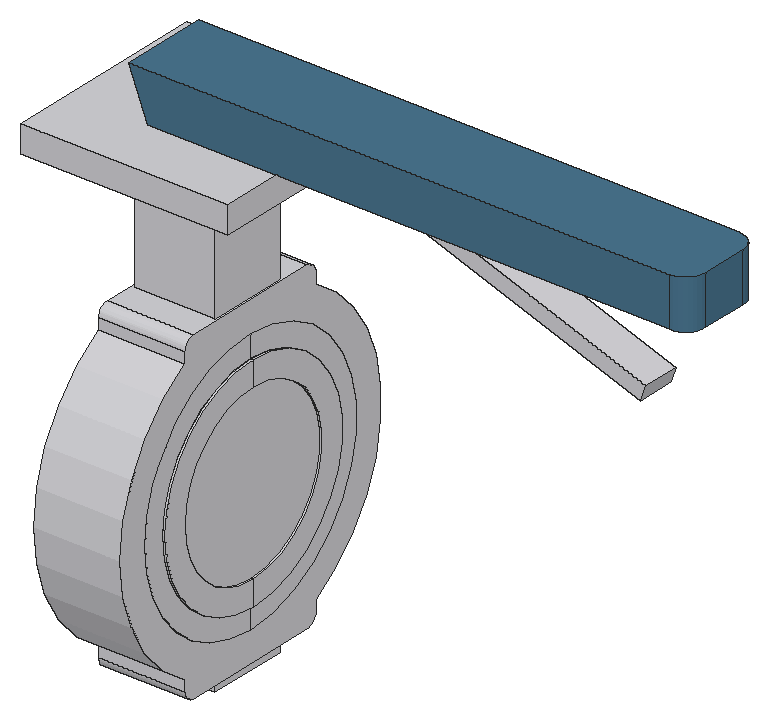
Revit family "HPA 1LSTL Butterfly Valve Lever", category Pipe Accessories, Revit 2018
Family settings
  Round Connector Dimension = Use Diameter
  Part Type = Normal
  Work Plane-Based = No
  Always vertical = Yes
  Cut with Voids When Loaded = No
  Shared = No
Parameters (values of type "Standard")
  pipe radius [instance] = Pipe Diameter / 2  # 1.750"
  fillet01 [instance] = 0.222"  # constant formula
  Weight [instance] = size_lookup(LookupTable, "Weight", "NA", Nominal Diameter)  # "10.8 lbs."
  URL = "http://www.fnw.com"
  Standards Lookup Table = "Standards"  # constant formula
  Show Lever Clearance [instance] = no
  R3 [instance] = size_lookup(LookupTable, "R3", 0.000", Nominal Diameter)  # 2.250"
  R2 [instance] = size_lookup(LookupTable, "R2", 0.000", Nominal Diameter)  # 3.3125"
  R1 [instance] = size_lookup(LookupTable, "R1", 0.000", Nominal Diameter)  # 2.6875"
  Product ID [instance] = size_lookup(LookupTable, "ProductID", "NA", Nominal Diameter)  # "7239448"
  Pipe Diameter [instance] = size_lookup(Standards Lookup Table, "pipe_dia", 0.000", Nominal Diameter)  # 3.500"
  Part Number [instance] = size_lookup(LookupTable, "PartNumber", "NA", Nominal Diameter)  # "FNWHPA1LSTLM"
  Nominal Diameter [instance] = 3"
  LookupTable = "HPA 1LSTL Butterfly Valve Lever"  # constant formula
  L4 [instance] = size_lookup(LookupTable, "L4", 0.000", Nominal Diameter)  # 0.470"
  L3 [instance] = size_lookup(LookupTable, "L3", 0.000", Nominal Diameter)  # 0.060"
  L2 [instance] = size_lookup(LookupTable, "L2", 0.000", Nominal Diameter)  # 0.060"
  L1 [instance] = size_lookup(LookupTable, "L1", 0.000", Nominal Diameter)  # 1.640"
  H4 [instance] = size_lookup(LookupTable, "H4", 0.000", Nominal Diameter)  # 6.400"
  H3 [instance] = size_lookup(LookupTable, "H3", 0.000", Nominal Diameter)  # 5.850"
  H2 [instance] = size_lookup(LookupTable, "H2", 0.000", Nominal Diameter)  # 5.025"
  H1 [instance] = size_lookup(LookupTable, "H1", 0.000", Nominal Diameter)  # 3.4925"
  Description BOM [instance] = size_lookup(LookupTable, "Description_BOM", "NA", Nominal Diameter)  # "3 SS SS ULTRA 150# LUG HP BFV LO"
  D2 [instance] = size_lookup(LookupTable, "D2", 0.000", Nominal Diameter)  # 1.760"
  D1 [instance] = size_lookup(LookupTable, "D1", 0.000", Nominal Diameter)  # 4.220"
  A1 [instance] = 33.00°  # constant formula
  1_Z4 [instance] = size_lookup(LookupTable, "1_Z4", 0.000", Nominal Diameter)  # 0.3125"
  1_Z3 [instance] = size_lookup(LookupTable, "1_Z3", 0.000", Nominal Diameter)  # 0.500"
  1_Z2 [instance] = size_lookup(LookupTable, "1_Z2", 0.000", Nominal Diameter)  # 1.000"
  1_Y3 [instance] = size_lookup(LookupTable, "1_Y3", 0.000", Nominal Diameter)  # 0.375"
  1_X5 [instance] = size_lookup(LookupTable, "1_X5", 0.000", Nominal Diameter)  # 5.255"
  1_X4 [instance] = size_lookup(LookupTable, "1_X4", 0.000", Nominal Diameter)  # 4.204"
  1_X3 [instance] = size_lookup(LookupTable, "1_X3", 0.000", Nominal Diameter)  # 10.510"
  1_X2 [instance] = size_lookup(LookupTable, "1_X2", 0.000", Nominal Diameter)  # 2.110"
Reference planes (in)
  plane 1 "Center (Front/Back)": y = 0
  plane 2: z = 0
  plane 3 "Center (Left/Right)": x = 0
  plane 4: y = 0.82
  plane 5: y = -0.82
  plane 6: x = -0.82
  plane 7: x = 0.82
  plane 8: x = -0.88
  plane 9: x = 0.88
  plane 10: z = -2.6875
  plane 11: z = 2.6875
  plane 12: z = -3.3125
  plane 13: z = 3.3125
  plane 14: z = -3.4925
  plane 15: z = 5.025
  plane 16: z = 5.85
  plane 17 "Pad Top": z = 6.4
  plane 18: x = -2.11
  plane 19: x = 2.11
  plane 20: z = 1.75
  plane 21: x = -0.94
  plane 22: x = 0.94
  plane 23: z = 2.25
  plane 24: x = -0.235
  plane 25: x = 0.235
  plane 26: z = -2.25
  plane 27: x = -0.35
Forms (in)
  Extrusion 1, solid, material "Steel, Stainless hp"
    sketch origin (0, 0, 0) x (1, 0, 0) y (0, 1, 0)
      loop
        line (-2.11, 2.11) -> (-2.11, -2.11) -> (2.11, -2.11) -> (2.11, 2.11) -> (-2.11, 2.11)
    from 5.85 to 6.4
  Revolve 2, solid, material "Steel, Stainless hp"
    sketch origin (0, 0, 0) x (1, 0, 0) y (0, 0, 1)
      loop
        line (-0.88, 2.25) -> (0.88, 2.25) -> (0.88, 2.6875) -> (-0.88, 2.6875) -> (-0.88, 2.25)
      axis (-0.88, 0) -> (0.88, 0)
    angle from 0 to 360
  Revolve 3, solid, material "Steel, Stainless hp"
    sketch origin (0, 0, 0) x (1, 0, 0) y (0, 0, 1)
      loop
        line (-0.94, 2.25) -> (-0.94, 1.75) -> (-0.235, 1.75) -> (-0.235, 0) -> (0.235, 0) -> (0.235, 1.75) -> (0.94, 1.75) -> (0.94, 2.25) -> (-0.94, 2.25)
      axis (0.94, 0) -> (-0.94, 0)
    angle from 0 to 360
  Extrusion 4, solid, material "Steel, Stainless hp"
    sketch origin (0, 0, 0) x (1, 0, 0) y (0, 1, 0)
      loop
        line (-0.82, 0.82) -> (-0.82, -0.82) -> (0.82, -0.82) -> (0.82, 0.82) -> (-0.82, 0.82)
    from 2.25 to 5.025
  Extrusion 5, solid, material "Steel, Stainless hp"
    sketch origin (0, 0, 0) x (1, 0, 0) y (0, 1, 0)
      loop
        line (-0.82, 0.82) -> (-0.82, -0.82) -> (0.82, -0.82) -> (0.82, 0.82) -> (-0.82, 0.82)
    from 5.025 to 5.85
  Extrusion 6, solid, material "Steel, Stainless hp"
    sketch origin (0, 0, 0) x (1, 0, 0) y (0, 1, 0)
      loop
        line (-0.82, 0.82) -> (-0.82, -0.82) -> (0.82, -0.82) -> (0.82, 0.82) -> (-0.82, 0.82)
    from -3.4925 to -2.25
  Extrusion 7, solid, material "Steel, Stainless hp"
    sketch origin (0, 0, 0) x (0, 1, 0) y (0, 0, 1)
      loop
        arc (1.65625, -2.86871) -> (3.3125, 0) -> (1.65625, 2.86871) r 3.3125
        line (1.65625, 2.86871) -> (1.65625, 3.0905)
        arc (1.65625, 3.0905) -> (1.59123, 3.24748) -> (1.43425, 3.3125) r 0.222
        line (1.43425, 3.3125) -> (-1.43425, 3.3125)
        arc (-1.43425, 3.3125) -> (-1.59123, 3.24748) -> (-1.65625, 3.0905) r 0.222
        line (-1.65625, 3.0905) -> (-1.65625, 2.86871)
        arc (-1.65625, 2.86871) -> (-3.3125, 0) -> (-1.65625, -2.86871) r 3.3125
        line (-1.65625, -2.86871) -> (-1.65625, -3.0905)
        arc (-1.65625, -3.0905) -> (-1.59123, -3.24748) -> (-1.43425, -3.3125) r 0.222
        line (-1.43425, -3.3125) -> (1.43425, -3.3125)
        arc (1.43425, -3.3125) -> (1.59123, -3.24748) -> (1.65625, -3.0905) r 0.222
        line (1.65625, -3.0905) -> (1.65625, -2.86871)
    from -0.88 to 0.88
Dimensions and locks (in)
  equal spacing: plane 5, plane 1 "Center (Front/Back)", plane 4
  "L1": plane 5 to plane 4
  equal spacing: plane 7, plane 3 "Center (Left/Right)", plane 6
  "L1": plane 7 to plane 6
  "L2": plane 6 to plane 8
  "L2": plane 7 to plane 9
  "R1": plane 2 to plane 10
  "R1": plane 11 to plane 2
  "R2": plane 13 to plane 2
  "R2": plane 2 to plane 12
  "H1": plane 2 to plane 14
  "H2": plane 15 to plane 2
  "H3": plane 16 to plane 2
  "H4": plane 17 "Pad Top" to plane 2
  equal spacing: plane 18, plane 3 "Center (Left/Right)", plane 19
  "D1": plane 18 to plane 19
  "pipe radius": plane 20 to plane 2
  "L3": plane 21 to plane 8
  "L3": plane 9 to plane 22
  "R3": plane 23 to plane 2
  equal spacing: plane 25, plane 3 "Center (Left/Right)", plane 24
  "L4": plane 25 to plane 24
  "R3": plane 2 to plane 26
  "L4": plane 27 to plane 6
  equal spacing: Extrusion 1 sketch curve, plane 3 "Center (Left/Right)", Extrusion 1 sketch curve
  equal spacing: Extrusion 1 sketch curve, plane 1 "Center (Front/Back)", Extrusion 1 sketch curve
  "D1": Extrusion 1 sketch curve to Extrusion 1 sketch curve  (x2)
  equal spacing: Extrusion 5 sketch curve, plane 3 "Center (Left/Right)", Extrusion 5 sketch curve
  "L1": Extrusion 5 sketch curve to Extrusion 5 sketch curve  (x2)
  equal spacing: Extrusion 5 sketch curve, plane 1 "Center (Front/Back)", Extrusion 5 sketch curve
  equal spacing: Extrusion 7 sketch curve, plane 1 "Center (Front/Back)", Extrusion 7 sketch curve  (x2)
  "R2": Extrusion 7 sketch curve to Extrusion 7 sketch curve  (x2)
  radius of Revolve 2 = 2.6875"  (x2)
  "R2": radius of Extrusion 7 sketch curve  (x2)
  "fillet01": radius of Extrusion 7 sketch curve  (x4)
  aligned and locked: plane 2 to level
  aligned and locked: Extrusion 1 to plane 16
  aligned and locked: plane 17 "Pad Top" to Extrusion 1
  aligned and locked: Revolve 2 sketch curve to plane 2
  aligned and locked: Revolve 2 sketch curve to plane 8
  aligned and locked: plane 9 to Revolve 2 sketch curve
  aligned and locked: Revolve 2 sketch curve to plane 23
  aligned and locked: plane 11 to Revolve 2 sketch curve
  aligned and locked: plane 2 to Revolve 3 sketch curve  (x2)
  aligned and locked: Revolve 3 sketch curve to plane 20  (x2)
  aligned and locked: Revolve 3 sketch curve to plane 23
  aligned and locked: plane 21 to Revolve 3 sketch curve
  aligned and locked: Revolve 3 sketch curve to plane 22
  aligned and locked: plane 6 to Extrusion 4 sketch curve
  aligned and locked: plane 4 to Extrusion 4 sketch curve
  aligned and locked: plane 7 to Extrusion 4 sketch curve
  aligned and locked: plane 5 to Extrusion 4 sketch curve
  aligned and locked: Extrusion 4 to plane 23
  aligned and locked: plane 15 to Extrusion 4
  aligned and locked: Extrusion 5 to plane 15
  aligned and locked: plane 16 to Extrusion 5
  aligned and locked: plane 14 to Extrusion 6
  aligned and locked: Extrusion 6 to plane 26
  aligned and locked: plane 25 to Revolve 3 sketch curve
  aligned and locked: Revolve 3 sketch curve to plane 24
  aligned and locked: Extrusion 7 to plane 8
  aligned and locked: Extrusion 7 to plane 9
  aligned and locked: Extrusion 6 sketch curve to Extrusion 4  (x4)
Automatic sketch dimensions
  plane 18 to Revolve 2 sketch curve = 1.38258"
  plane 19 to Revolve 2 sketch curve = 0.67957"
  plane 18 to Revolve 3 sketch curve = 0.55945"
  Revolve 3 sketch curve to plane 24 = 0.0725"
  Extrusion 7 sketch curve to Extrusion 7 sketch curve = 0.000"  (x2)
  Extrusion 7 sketch curve to level = 0.000"
  Extrusion 7 sketch curve to plane 1 "Center (Front/Back)" = 0.000"
  plane 12 to Extrusion 7 sketch curve = 0.000"
  Extrusion 7 sketch curve to plane 13 = 0.000"
Nested families (in)
  nested 1: "std-butterfly lever HP-LG" at (0, 0, 6.4), 1_Y1 <- "D2", Show Lever Clearance <- "Show Lever Clearance", 1_X2 <- "1_X2", 1_X3 <- "1_X3", 1_X4 <- "1_X4", 1_X5 <- "1_X5", 1_Z3 <- "1_Z3", 1_Z4 <- "1_Z4", 1_Z2 <- "1_Z2", 1_Y3 <- "1_Y3", type "std-butterfly lever HP_LG"
    with Show Lever Clearance no, End 0.500", Clearance Hieght 6.000", 1_Z4 0.3125", 1_Z3 0.500", 1_Z2 1.000", 1_Y3 0.375", 1_Y1_Half 0.880", 1_Y1 1.760", 1_X5 5.255", 1_X4 4.204", 1_X3 10.510", 1_X2 2.110"
Connectors (in)
  piping at (-0.88, 0, 0), diameter 3, driven by "Nominal Diameter"
    settings: on Revolve 2, index 1, connector inside diameter 24", connector length 0.000", flow factor 0, pipe flow 0 GPM, pressure drop 0.00 psi, fitting loss kfactor 0, connector angle 0.00°, fixture units 0, engagement length 0.000", angle of deflection 0.00°, flow configuration 0, flow direction 0, fitting loss method 0, system type 7, joint type 0, gender type 0, connector reference index -1, connector utility 0, adjustable connector no, is connector primary yes, connector description ""
  piping at (0.88, 0, 0), diameter 3, driven by "Nominal Diameter"
    settings: on Revolve 2, index 2, connector inside diameter 24", connector length 0.000", flow factor 0, pipe flow 0 GPM, pressure drop 0.00 psi, fitting loss kfactor 0, connector angle 0.00°, fixture units 0, engagement length 0.000", angle of deflection 0.00°, flow configuration 0, flow direction 0, fitting loss method 0, system type 7, joint type 0, gender type 0, connector reference index -1, connector utility 0, adjustable connector no, is connector primary no, connector description ""
Definition of nested family "std-butterfly lever HP-LG"
  Parameters (values of type "std-butterfly lever HP_LG")
    fillet = 0.41406"  # constant formula
    Show Lever Clearance [instance] = yes
    LAngle = 19.00°  # constant formula
    End [instance] = 0.500"  # constant formula
    Clearance Hieght [instance] = 6.000"  # constant formula
    1_Z4 [instance] = 0.30881"
    1_Z3 [instance] = 0.125"
    1_Z2 [instance] = 1.000"
    Default Elevation = 48.000"
    1_Y3 [instance] = 0.375"
    1_Y1_Half [instance] = [1_Y1] / 2  # 1.000"
    1_Y1 [instance] = 2.000"
    1_X5 [instance] = 6.250"
    1_X4 [instance] = 5.11184"
    1_X3 [instance] = 12.000"
    1_X2 [instance] = 1.000"
  Reference planes (in)
    plane 1 "Center (Front/Back)": y = 0
    plane 2: z = 0
    plane 3 "Center (Left/Right)": x = 0
    plane 4 "Handle End": x = 11.5
    plane 5: x = 5.11184
    plane 6 "Top": z = 1
    plane 7: x = 1
    plane 8: x = 12
    plane 9: x = -1
    plane 10: x = 5.11184
    plane 11: y = 2
    plane 12: y = -2
  Forms (in)
    Extrusion 1, solid
      sketch origin (0, 0, 0) x (1, 0, 0) y (0, 1, 0)
        loop
          line (-1, 1) -> (-1, -1) -> (11.58594, -1)
          arc (11.58594, -1) -> (11.87872, -0.87872) -> (12, -0.58594) r 0.41406
          line (12, -0.58594) -> (12, 0.58594)
          arc (12, 0.58594) -> (11.87872, 0.87872) -> (11.58594, 1) r 0.41406
          line (11.58594, 1) -> (-1, 1)
      from 0 to 1
    Sweep 2, solid
      path origin (0, 0, 0) x (1, 0, 0) y (0, 0, 1)
        loop
          line (5.11184, 0) -> (11.02133, -2.0348)
      profile origin (8.06658, 0, -1.0174) x (0.325568, 0, 0.945519) y (0, -1, 0)
        loop
          line (0.15441, 0.375) -> (-0.15441, 0.375) -> (-0.15441, -0.375) -> (0.15441, -0.375) -> (0.15441, 0.375)
    Extrusion 3, solid, visible <- "Show Lever Clearance"
      sketch origin (0, 0, 0) x (1, 0, 0) y (0, 1, 0)
        loop
          line (0, 0) -> (0, -12)
          arc (0, -12) -> (8.48528, -8.48528) -> (12, 0) r 12
          line (12, 0) -> (0, 0)
      from 0 to 6 <- "Clearance Hieght"
    Extrusion 4, void
      sketch origin (0, 0, 0) x (1, 0, 0) y (0, 0, 1)
        loop
          line (-0.5, 0) -> (-1, 1) -> (-1, 0) -> (-0.5, 0)
      from -2 to 2
  Cuts and joins
    Extrusion 4 cuts Extrusion 1
  Lines and regions (in)
    reference lines
      curve 1: line (0, 1.76326, 0) -> (0, -1.76326, 0)
      curve 2: line (1.27406, 0, 0) -> (-2.01203, 0, 0)
  Dimensions and locks (in)
    "1_Z2": plane 6 "Top" to level
    "1_X2": plane 3 "Center (Left/Right)" to plane 7
    "1_Y1_Half": plane 9 to plane 3 "Center (Left/Right)"
    "End": plane 4 "Handle End" to plane 8
    "1_X3": plane 3 "Center (Left/Right)" to plane 8
    "1_X4": plane 3 "Center (Left/Right)" to plane 5
    "1_X4": plane 10 to plane 3 "Center (Left/Right)"
    "1_X5": Sweep 2 sketch curve to Sweep 2 sketch curve
    "1_Y3": Sweep 2 sketch curve to profile plane
    "1_Y3": profile plane to Sweep 2 sketch curve
    equal spacing: Sweep 2 sketch curve, profile plane, Sweep 2 sketch curve
    "1_Z4": Sweep 2 sketch curve to Sweep 2 sketch curve
    "1_Y1": plane 12 to plane 1 "Center (Front/Back)"
    "1_Y1": plane 1 "Center (Front/Back)" to plane 11
    "1_X3": Extrusion 3 sketch curve to Extrusion 3 sketch curve  (x2)
    "1_Y1_Half": plane 1 "Center (Front/Back)" to Extrusion 1 sketch curve
    "1_Y1_Half": Extrusion 1 sketch curve to plane 1 "Center (Front/Back)"
    "1_X3": radius of Extrusion 3 sketch curve
    "fillet": radius of Extrusion 1 sketch curve  (x2)
    "LAngle": angle Sweep 2 sketch curve to plane 2
    aligned and locked: plane 2 to level
    aligned and locked: plane 6 "Top" to Extrusion 1
    aligned and locked: Extrusion 1 to level
    aligned and locked: plane 9 to Extrusion 1 sketch curve
    aligned and locked: Extrusion 1 sketch curve to plane 8
    aligned and locked: Extrusion 4 sketch curve to plane 2
    aligned and locked: Extrusion 4 sketch curve to plane 9
    aligned and locked: Extrusion 4 to plane 11
    aligned and locked: Extrusion 4 to plane 12
  Automatic sketch dimensions
    plane 1 "Center (Front/Back)" to curve 2 = 0.000"
    curve 1 to plane 3 "Center (Left/Right)" = 0.000"
    plane 1 "Center (Front/Back)" to curve 1 = 1.76326"
    curve 2 to plane 3 "Center (Left/Right)" = 2.01203"
    curve 1 to plane 1 "Center (Front/Back)" = 1.76326"
    plane 7 to curve 2 = 0.27406"
    Extrusion 4 sketch curve to plane 6 "Top" = 0.000"
    Extrusion 4 sketch curve to plane 3 "Center (Left/Right)" = 0.500"
    Sweep 2 sketch curve to level = 0.000"
    Sweep 2 sketch curve to plane 10 = 0.000"
    Extrusion 3 sketch curve to plane 3 "Center (Left/Right)" = 0.000"
    plane 1 "Center (Front/Back)" to Extrusion 3 sketch curve = 0.000"
